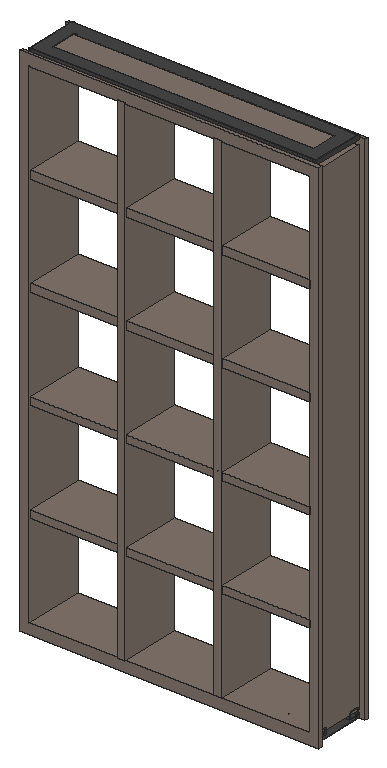
Revit family "Panel-Module-Teknion-LIGNA-Bookshelf_Module-R2023", category Doors, Revit 2023
Family settings
  OmniClass Number = 23.30.10.00
  OmniClass Title = Doors
  Always vertical = Yes
  Cut with Voids When Loaded = No
  Shared = No
  Room Calculation Point = No
Parameters (values of type "Bookshelf Module")
  Wood Frame Finish [instance] = Veneer - Teknion - ZP - Flintwood - Deep Walnut Flint
  Warranty = "http://www.teknion.com/legal/warranty.pdf"
  URL = "http://www.teknion.com/"
  Right Trim [instance] = no
  Right Metal Frame [instance] = no
  Product Line = "LIGNA - Bookshelf Module"  # constant formula
  Model = "LNHK + LNBK + LNET + LNDVP"  # constant formula
  Metal Frame Finish [instance] = Paint - Teknion - Matte - Black
  Manufacturer Phone = "416-661-3370"  # constant formula
  Manufacturer Fax = "416.661.4586"  # constant formula
  Manufacturer Address = "1150 Flint Road, Toronto, ON. M3J 2J5. Canada"  # constant formula
  Manufacturer = "Teknion"  # constant formula
  Left Wood Trim [instance] = no
  Left Metal Frame [instance] = no
  Function = Interior
  Description = "LIGNA - Bookshelf Module - Fixed"  # constant formula
  Available Width [instance] = "Available In 51\", 60\", 69\" "  # constant formula
  Available Height [instance] = "Available From 96\"-120\" In 1\" Increments"  # constant formula
Reference planes (in)
  plane 1 "Center (Front/Back)": y = 0
  plane 2: z = 0
  plane 3 "Center (Left/Right)": x = 0
  plane 4: x = -29.1338583
  plane 5: x = 29.1338583
  plane 6 "Top": z = 101
Text (in)
  text "Exterior" at (-55.3739985, 31.3874262, 0), in view "Ref. Level"
Dimensions and locks (in)
  equal spacing: plane 4, plane 3 "Center (Left/Right)", plane 5
  locked: nested 2 to plane 5 at 1.257
  locked: plane 4 to nested 2 at 1.257
  nested 1 to nested 1 = 1.81102"
  locked: plane 4 to nested 1 at 0.0995197
  locked: nested 1 to plane 5 at 0.0995197
  locked: plane 5 to nested 4 at 1.0472441
  locked: nested 5 to plane 4 at 1.0207795
  locked: nested 2 to plane 6 "Top" at 0.5
  locked: nested 6 to plane 6 "Top" at 0.5
  locked: nested 3 to plane 6 "Top" at 0.5
  aligned and locked: level to plane 2
  aligned and locked: plane 1 "Center (Front/Back)" to nested 1
  aligned and locked: plane 2 to nested 2
  aligned and locked: nested 1 to plane 6 "Top"  (x3)
  aligned and locked: plane 2 to nested 1
  aligned and locked: plane 1 "Center (Front/Back)" to nested 3
  aligned and locked: plane 2 to nested 3
  aligned and locked: plane 2 to nested 4  (x2)
  aligned and locked: nested 6 to plane 1 "Center (Front/Back)"
  aligned and locked: nested 5 to plane 1 "Center (Front/Back)"
  aligned and locked: plane 1 "Center (Front/Back)" to nested 4
  aligned and locked: plane 1 "Center (Front/Back)" to nested 2
  aligned and locked: nested 5 to plane 2
  aligned and locked: nested 6 to plane 2
  aligned and locked: nested 1 to plane 2  (x2)
  aligned and locked: nested 4 to plane 2
  aligned and locked: nested 6 to plane 4
  aligned and locked: nested 3 to plane 5
  aligned and locked: plane 6 "Top" to nested 5
  aligned and locked: nested 4 to plane 6 "Top"
Nested families (in)
  nested 1: "Solid-Fascia-Teknion-LNBK-Bookshelf-Kit-R2023" at (0.1008527, -4.8197016, 0), Finish <- "Wood Frame Finish", type "Bookshelf Kit"
    with Width 58.06868", Height 101.00", Finish Veneer - Teknion - ZP - Flintwood - Deep Walnut Flint, 5 Shelfs no, 4 Shelfs yes, 3 Dividers no, 2 Dividers yes
  nested 2: "Frame-Teknion-LNHK-Bookshelf-Horizontals-Kit-R2023" at (-43.3101167, -4.8212968, 0), Frame Finish <- "Metal Frame Finish", type "Bookshelf Horizontals Kit"
    with Width 55.75372", Height 101.50", Frame Finish Paint - Teknion - Matte - Black
  nested 3: "Frame-Teknion-LNDVP-Double-Vertical-Post-R2023" at (24.9612415, -4.8551865, 0), Frame Finish <- "Metal Frame Finish", visible <- "Right Metal Frame", type "Double Vertical Post"
    with Height 101.50", Frame Finish Paint - Teknion - Matte - Black
  nested 4: "Frame-Teknion-LNET-End-Trims-R2023" at (-22.2975633, -5.6018086, 0), Frame Finish <- "Wood Frame Finish", visible <- "Right Trim", type "End Trims"
    with Width 1.81102", Height 101.00", Frame Finish Veneer - Teknion - ZP - Flintwood - Deep Walnut Flint
  nested 5: "Frame-Teknion-LNET-End-Trims-R2023" at (22.3240279, -5.6018086, 0) x (-1, 0, 0) z (0, 0, 1), Frame Finish <- "Wood Frame Finish", visible <- "Left Wood Trim", type "End Trims"
    with Width 1.81102", Height 101.00", Frame Finish Veneer - Teknion - ZP - Flintwood - Deep Walnut Flint
  nested 6: "Frame-Teknion-LNDVP-Double-Vertical-Post-R2023" at (-24.9612415, -4.8551865, 0) x (-1, 0, 0) z (0, 0, 1), Frame Finish <- "Metal Frame Finish", visible <- "Left Metal Frame", type "Double Vertical Post"
    with Height 101.50", Frame Finish Paint - Teknion - Matte - Black
Definition of nested family "Solid-Fascia-Teknion-LNBK-Bookshelf-Kit-R2023"
  Parameters (values of type "Bookshelf Kit")
    Width [instance] = 60.00"
    URL = "http://www.teknion.com/"
    Type Comments = ""
    Thickness = 0.75"  # constant formula
    Nominal Gap = 0.125"
    Model = "LNBK"  # constant formula
    Manufacturer = "Teknion"
    Height [instance] = 102.00"
    Finish [instance] = none
    Description = "Bookshelf Kit"  # constant formula
    Default Elevation = 48.00"
    Assembly Code = ""
    5 Shelfs [instance] = Height > 102.00"  # no
    4 Shelfs [instance] = Height < 103.00"  # yes
    3 Dividers [instance] = Width > 60.00"  # no
    2 Dividers [instance] = Width < 61.00"  # yes
  Reference planes (in)
    plane 1 "Center (Front/Back)": y = 4.8197016
    plane 2: z = 0
    plane 3 "Center (Left/Right)": x = -0.1008527
    plane 4: x = 29.8991473
    plane 5: x = -30.1008527
    plane 6: z = 102
    plane 7: y = 10.7252134
    plane 8: y = -1.0858102
    plane 9: z = 51
    plane 10: z = 99.9527559
    plane 11: z = 2.0472441
    plane 12: z = 84.1351706
    plane 13: z = 67.5675853
    plane 14: z = 51
    plane 15: z = 34.4324147
    plane 16: z = 17.8648294
    plane 17: x = -28.2898291
    plane 18: x = 28.0881237
    plane 19: x = -14.5705909
    plane 20: x = 14.3688855
    plane 21: z = 1.2972441
    plane 22: z = 100.7027559
    plane 23: x = -29.0403291
    plane 24: x = 28.8386237
    plane 25: x = -9.7473448
    plane 26: x = 9.5456394
    plane 27: z = 21.1783465
    plane 28: z = 41.0594488
    plane 29: z = 60.9405512
    plane 30: z = 80.8216535
  Forms (in)
    Sweep 1, solid, material <- "Finish"
      path origin (0, 4.8197016, 0) x (1, 0, 0) y (0, 0, 1)
        loop
          line (28.0881237, 99.9527559) -> (-28.2898291, 99.9527559) -> (-28.2898291, 2.0472441) -> (28.0881237, 2.0472441) -> (28.0881237, 99.9527559)
      profile origin (-0.1008527, 4.8197016, 99.9527559) x (0, 0, -1) y (0, -1, 0)
        loop
          line (0, 5.9055118) -> (-2.0472441, 5.9055118) -> (-2.0472441, 5.2519685) -> (-0.6535433, 5.2519685) -> (-0.6535433, -5.2519685) -> (-2.0472441, -5.2519685) -> (-2.0472441, -5.9055118) -> (0, -5.9055118) -> (0, 5.9055118)
    Sweep 2, solid, material <- "Finish", visible <- "3 Dividers"
      path origin (0, 4.8197016, 0) x (1, 0, 0) y (0, 0, 1)
        loop
          line (-0.1008527, 99.9527559) -> (-0.1008527, 2.0472441)
      profile origin (-0.1008527, 4.8197016, 51) x (0, -1, 0) y (1, 0, 0)
        loop
          line (5.8858268, -15.2197382) -> (5.8858268, -13.7197382) -> (-5.8858268, -13.7197382) -> (-5.8858268, -15.2197382) -> (5.8858268, -15.2197382)
        loop
          line (-5.8858268, -0.75) -> (5.8858268, -0.75) -> (5.8858268, 0.75) -> (-5.8858268, 0.75) -> (-5.8858268, -0.75)
        loop
          line (-5.8858268, 15.2197382) -> (-5.8858268, 13.7197382) -> (5.8858268, 13.7197382) -> (5.8858268, 15.2197382) -> (-5.8858268, 15.2197382)
    Sweep 3, solid, material <- "Finish", visible <- "5 Shelfs"
      path origin (0, 0, 0) x (1, 0, 0) y (0, 1, 0)
        loop
          line (-0.1008527, 10.6858433) -> (-0.1008527, -1.0464402)
      profile origin (-0.1008527, 4.8197016, 0) x (1, 0, 0) y (0, 0, 1)
        loop
          line (28.1889764, 84.8851706) -> (-28.1889764, 84.8851706) -> (-28.1889764, 83.3851706) -> (28.1889764, 83.3851706) -> (28.1889764, 84.8851706)
        loop
          line (28.1889764, 68.3175853) -> (-28.1889764, 68.3175853) -> (-28.1889764, 66.8175853) -> (28.1889764, 66.8175853) -> (28.1889764, 68.3175853)
        loop
          line (28.1889764, 51.75) -> (-28.1889764, 51.75) -> (-28.1889764, 50.25) -> (28.1889764, 50.25) -> (28.1889764, 51.75)
        loop
          line (28.1889764, 35.1824147) -> (-28.1889764, 35.1824147) -> (-28.1889764, 33.6824147) -> (28.1889764, 33.6824147) -> (28.1889764, 35.1824147)
        loop
          line (28.1889764, 18.6148294) -> (-28.1889764, 18.6148294) -> (-28.1889764, 17.1148294) -> (28.1889764, 17.1148294) -> (28.1889764, 18.6148294)
    Sweep 4, solid, material <- "Finish", visible <- "2 Dividers"
      path origin (0, 4.8197016, 0) x (1, 0, 0) y (0, 0, 1)
        loop
          line (-0.1008527, 99.9527559) -> (-0.1008527, 2.0472441)
      profile origin (-0.1008527, 4.8197016, 51) x (0, -1, 0) y (1, 0, 0)
        loop
          line (5.9055118, -8.8964921) -> (-5.9055118, -8.8964921) -> (-5.9055118, -10.3964921) -> (5.9055118, -10.3964921) -> (5.9055118, -8.8964921)
        loop
          line (5.9055118, 10.3964921) -> (-5.9055118, 10.3964921) -> (-5.9055118, 8.8964921) -> (5.9055118, 8.8964921) -> (5.9055118, 10.3964921)
    Sweep 5, solid, material <- "Finish", visible <- "4 Shelfs"
      path origin (0, 0, 0) x (1, 0, 0) y (0, 1, 0)
        loop
          line (-0.1008527, 10.6858433) -> (-0.1008527, -1.0464402)
      profile origin (-0.1008527, 4.8197016, 0) x (1, 0, 0) y (0, 0, 1)
        loop
          line (28.1889764, 81.5716535) -> (-28.1889764, 81.5716535) -> (-28.1889764, 80.0716535) -> (28.1889764, 80.0716535) -> (28.1889764, 81.5716535)
        loop
          line (28.1889764, 61.6905512) -> (-28.1889764, 61.6905512) -> (-28.1889764, 60.1905512) -> (28.1889764, 60.1905512) -> (28.1889764, 61.6905512)
        loop
          line (28.1889764, 41.8094488) -> (-28.1889764, 41.8094488) -> (-28.1889764, 40.3094488) -> (28.1889764, 40.3094488) -> (28.1889764, 41.8094488)
        loop
          line (28.1889764, 21.9283465) -> (-28.1889764, 21.9283465) -> (-28.1889764, 20.4283465) -> (28.1889764, 20.4283465) -> (28.1889764, 21.9283465)
    Sweep 6, void
      path origin (0, 4.8197016, 0) x (1, 0, 0) y (0, 0, 1)
        loop
          line (-0.1008527, 102) -> (-0.1008527, 0)
      profile origin (-0.1008527, 4.8197016, 51) x (0, -1, 0) y (1, 0, 0)
        loop
          line (6.3353439, -30) -> (-6.9146561, -30) -> (-6.9146561, -31.75) -> (6.3353439, -31.75) -> (6.3353439, -30)
        loop
          line (6.3353439, 30) -> (6.3353439, 31.75) -> (-6.9146561, 31.75) -> (-6.9146561, 30) -> (6.3353439, 30)
  Cuts and joins
    Sweep 6 cuts Sweep 1
  Dimensions and locks (in)
    equal spacing: plane 5, plane 3 "Center (Left/Right)", plane 4
    "Width": plane 5 to plane 4
    "Height": plane 6 to plane 2
    equal spacing: plane 6, plane 9, plane 2
    equal spacing: plane 8, plane 1 "Center (Front/Back)", plane 7
    locked: plane 11 to plane 2 at 2.0472441
    locked: plane 6 to plane 10 at 2.0472441
    locked: plane 17 to plane 5 at 1.8110236
    locked: plane 4 to plane 18 at 1.8110236
    locked: plane 7 to Sweep 1 sketch curve at 0.6535433
    locked: Sweep 1 sketch curve to plane 8 at 0.6535433
    locked: plane 10 to Sweep 1 sketch curve at 0.6535433
    locked: Sweep 2 sketch curve to plane 7 at 0.019685  (x3)
    locked: plane 8 to Sweep 2 sketch curve at 0.019685  (x3)
    Sweep 2 sketch curve to plane 19 to Sweep 2 sketch curve = 0.75" locked, 0.75" locked
    Sweep 2 sketch curve to plane 3 "Center (Left/Right)" to Sweep 2 sketch curve = 0.75" locked, 0.75" locked
    Sweep 2 sketch curve to plane 20 to Sweep 2 sketch curve = 0.75" locked, 0.75" locked
    locked: plane 8 to Sweep 3 sketch curve at 0.0393701
    locked: Sweep 3 sketch curve to plane 7 at 0.0393701
    equal spacing: plane 22, plane 12, plane 13, plane 14, plane 15, plane 16, plane 21
    Sweep 3 sketch curve to plane 12 to Sweep 3 sketch curve = 0.75" locked, 0.75" locked
    Sweep 3 sketch curve to plane 13 to Sweep 3 sketch curve = 0.75" locked, 0.75" locked
    Sweep 3 sketch curve to plane 14 to Sweep 3 sketch curve = 0.75" locked, 0.75" locked
    Sweep 3 sketch curve to plane 15 to Sweep 3 sketch curve = 0.75" locked, 0.75" locked
    Sweep 3 sketch curve to plane 16 to Sweep 3 sketch curve = 0.75" locked, 0.75" locked
    locked: plane 22 to plane 10 at 0.75
    locked: plane 11 to plane 21 at 0.75
    locked: plane 23 to plane 5 at 1.0605236
    locked: plane 4 to plane 24 at 1.0605236
    equal spacing: plane 24, plane 20, plane 3 "Center (Left/Right)"
    equal spacing: plane 3 "Center (Left/Right)", plane 19, plane 23
    equal spacing: plane 23, plane 25, plane 26, plane 24
    Sweep 4 sketch curve to plane 25 to Sweep 4 sketch curve = 0.75" locked, 0.75" locked
    Sweep 4 sketch curve to plane 26 to Sweep 4 sketch curve = 0.75" locked, 0.75" locked
    equal spacing: plane 22, plane 30, plane 29, plane 28, plane 27, plane 21
    locked: Sweep 5 sketch curve to plane 7 at 0.0393701
    locked: plane 8 to Sweep 5 sketch curve at 0.0393701
    Sweep 5 sketch curve to plane 30 to Sweep 5 sketch curve = 0.75" locked, 0.75" locked
    Sweep 5 sketch curve to plane 29 to Sweep 5 sketch curve = 0.75" locked, 0.75" locked
    Sweep 5 sketch curve to plane 28 to Sweep 5 sketch curve = 0.75" locked, 0.75" locked
    Sweep 5 sketch curve to plane 27 to Sweep 5 sketch curve = 0.75" locked, 0.75" locked
    Sweep 6 sketch curve to plane 1 "Center (Front/Back)" to Sweep 6 sketch curve = 6.33534" locked, 6.91466" locked  (x2)
    Sweep 6 sketch curve to Sweep 6 sketch curve to plane 23 = 1.75" locked, 1.06052" locked
    plane 24 to Sweep 6 sketch curve to Sweep 6 sketch curve = 1.06052" locked, 1.75" locked
    aligned and locked: level to plane 2
    aligned and locked: Sweep 1 sketch curve to plane 10  (x2)
    aligned and locked: Sweep 1 sketch curve to plane 18
    aligned and locked: Sweep 1 sketch curve to plane 11
    aligned and locked: Sweep 1 sketch curve to plane 17
    aligned and locked: Sweep 1 sketch curve to plane 6  (x2)
    aligned and locked: Sweep 1 sketch curve to plane 8
    aligned and locked: plane 7 to Sweep 1 sketch curve
    aligned and locked: plane 11 to Sweep 2 sketch curve
    aligned and locked: plane 10 to Sweep 2 sketch curve
    aligned and locked: Sweep 2 sketch curve to plane 3 "Center (Left/Right)"
    aligned and locked: Sweep 3 sketch curve to plane 3 "Center (Left/Right)"
    aligned and locked: Sweep 3 sketch curve to plane 17
    aligned and locked: Sweep 3 sketch curve to plane 18
    aligned and locked: Sweep 4 sketch curve to plane 3 "Center (Left/Right)"
    aligned and locked: plane 11 to Sweep 4 sketch curve
    aligned and locked: plane 10 to Sweep 4 sketch curve
    aligned and locked: Sweep 4 sketch curve to plane 7  (x2)
    aligned and locked: plane 8 to Sweep 4 sketch curve  (x2)
    aligned and locked: Sweep 5 sketch curve to plane 3 "Center (Left/Right)"
    aligned and locked: Sweep 5 sketch curve to plane 17  (x4)
    aligned and locked: Sweep 5 sketch curve to plane 18  (x4)
    aligned and locked: Sweep 6 sketch curve to plane 3 "Center (Left/Right)"
    aligned and locked: plane 2 to Sweep 6 sketch curve
    aligned and locked: plane 6 to Sweep 6 sketch curve
  Automatic sketch dimensions
    Sweep 3 sketch curve to Sweep 3 sketch curve = 0.00"  (x8)
Definition of nested family "Frame-Teknion-LNHK-Bookshelf-Horizontals-Kit-R2023"
  Parameters (values of type "Bookshelf Horizontals Kit")
    Width [instance] = 66.747"
    URL = "http://www.teknion.com/"
    Type Comments = ""
    Thickness = 0.75"  # constant formula
    Nominal Gap = 0.125"
    Model = "LNHK"  # constant formula
    Manufacturer = "Teknion"
    Height [instance] = 120.00"
    Frame Finish [instance] = none
    Description = "Bookshelf Horizontals Kit"  # constant formula
    Default Elevation = 48.00"
    Assembly Code = ""
  Reference planes (in)
    plane 1 "Center (Front/Back)": y = 4.8212968
    plane 2: z = 0
    plane 3 "Center (Left/Right)": x = 43.3101167
    plane 4: x = 76.6836167
    plane 5: x = 9.9366167
    plane 6: z = 120
    plane 7: y = 9.9462968
    plane 8: y = -0.3037032
    plane 9: z = 60
  Forms (in)
    Sweep 1, solid, material <- "Frame Finish"
      path origin (0, 0, 0) x (1, 0, 0) y (0, 1, 0)
        loop
          line (9.9366167, 4.8212968) -> (76.6836167, 4.8212968)
      profile origin (43.3101167, 4.8212968, 0) x (0, 1, 0) y (0, 0, 1)
        loop
          line (2.9675, 1.88) -> (2.9675, 0.76) -> (4.8375, 0.76) -> (4.8375, 1.88) -> (2.9675, 1.88)
        loop
          arc (3.0355853, 1.945) -> (2.9414798, 1.9060202) -> (2.9025, 1.8119147) r 0.1330853
          line (2.9025, 1.8119147) -> (2.9025, 0.695) -> (4.9025, 0.695) -> (4.9025, 1.795961)
          arc (4.9025, 1.795961) -> (4.8588475, 1.9013475) -> (4.753461, 1.945) r 0.149039
          line (4.753461, 1.945) -> (3.0355853, 1.945)
        loop
          arc (-2.9015, 1.8031454) -> (-2.9430483, 1.9034517) -> (-3.0433546, 1.945) r 0.1418546
          line (-3.0433546, 1.945) -> (-4.7604174, 1.945)
          arc (-4.7604174, 1.945) -> (-4.8601779, 1.9036779) -> (-4.9015, 1.8039174) r 0.1410826
          line (-4.9015, 1.8039174) -> (-4.9015, 0.695) -> (-2.9015, 0.695) -> (-2.9015, 1.8031454)
        loop
          line (-2.9665, 1.88) -> (-4.8365, 1.88) -> (-4.8365, 0.76) -> (-2.9665, 0.76) -> (-2.9665, 1.88)
        loop
          line (5.0625, 0.0625) -> (-5.0615, 0.0625) -> (-5.0615, 0.8705315) -> (-5.125, 0.8705315) -> (-5.125, 0) -> (5.125, 0) -> (5.125, 0.8705315) -> (5.0625, 0.8705315) -> (5.0625, 0.0625)
    Sweep 2, solid, material <- "Frame Finish"
      path origin (0, 0, 0) x (1, 0, 0) y (0, 1, 0)
        loop
          line (9.9366167, 9.9462968) -> (9.9366167, -0.3037032) -> (76.6836167, -0.3037032) -> (76.6836167, 9.9462968) -> (9.9366167, 9.9462968)
      profile origin (9.9366167, 4.8212968, 0) x (1, 0, 0) y (0, 0, 1)
        loop
          line (0.0625, 119.125) -> (0.0625, 119.9375) -> (2.5625, 119.9375) -> (2.5625, 120) -> (0.1024684, 120)
          arc (0.1024684, 120) -> (0.0300123, 119.9699877) -> (0, 119.8975316) r 0.1024684
          line (0, 119.8975316) -> (0, 119.125) -> (0.0625, 119.125)
  Dimensions and locks (in)
    equal spacing: plane 5, plane 3 "Center (Left/Right)", plane 4
    "Width": plane 5 to plane 4
    "Height": plane 6 to plane 2
    equal spacing: plane 6, plane 9, plane 2
    equal spacing: plane 8, plane 1 "Center (Front/Back)", plane 7
    locked: plane 8 to plane 7 at 10.25
    Sweep 1 sketch curve to Sweep 1 sketch curve to Sweep 1 sketch curve to Sweep 1 sketch curve to Sweep 1 sketch curve to Sweep 1 sketch curve to Sweep 1 sketch curve to Sweep 1 sketch curve to Sweep 1 sketch curve to Sweep 1 sketch curve to Sweep 1 sketch curve to Sweep 1 sketch curve to Sweep 1 sketch curve to plane 2 to Sweep 1 sketch curve = 0.00" locked, 0.06809" locked, 0.008" locked, 0.00077" locked, 0.00718" locked, 0.92543" locked, 0.00" locked, 0.11053" locked, 0.00" locked, 0.065" locked, 0.00" locked, 0.6325" locked, 0.0625" locked, 0.00" locked
    Sweep 1 sketch curve to Sweep 1 sketch curve to Sweep 1 sketch curve to Sweep 1 sketch curve to Sweep 1 sketch curve to Sweep 1 sketch curve to plane 1 "Center (Front/Back)" to Sweep 1 sketch curve to Sweep 1 sketch curve to Sweep 1 sketch curve to Sweep 1 sketch curve to Sweep 1 sketch curve to Sweep 1 sketch curve = 0.0625" locked, 0.16" locked, 0.065" locked, 1.87" locked, 0.065" locked, 2.9025" locked, 2.9015" locked, 0.065" locked, 1.87" locked, 0.065" locked, 0.16" locked, 0.0635" locked
    Sweep 1 sketch curve to Sweep 1 sketch curve to plane 1 "Center (Front/Back)" to Sweep 1 sketch curve to Sweep 1 sketch curve = 1.71788" locked, 3.03559" locked, 3.04335" locked, 1.71706" locked
    Sweep 2 sketch curve to Sweep 2 sketch curve to Sweep 2 sketch curve to plane 5 to Sweep 2 sketch curve = 2.46003" locked, 0.03997" locked, 0.0625" locked, 0.00" locked
    plane 6 to Sweep 2 sketch curve to Sweep 2 sketch curve to Sweep 2 sketch curve to Sweep 2 sketch curve = 0.00" locked, 0.0625" locked, 0.03997" locked, 0.77253" locked
    aligned and locked: level to plane 2
    aligned and locked: plane 1 "Center (Front/Back)" to Sweep 1 sketch curve
    aligned and locked: plane 4 to Sweep 1 sketch curve
    aligned and locked: plane 5 to Sweep 1 sketch curve
    aligned and locked: Sweep 2 sketch curve to plane 5
    aligned and locked: Sweep 2 sketch curve to plane 7
    aligned and locked: Sweep 2 sketch curve to plane 8
    aligned and locked: Sweep 2 sketch curve to plane 4
Definition of nested family "Frame-Teknion-LNDVP-Double-Vertical-Post-R2023"
  Parameters (values of type "Double Vertical Post")
    Width = 39.7461"
    URL = "http://www.teknion.com/"
    Type Comments = ""
    Thickness = 0.75"  # constant formula
    Nominal Gap = 0.125"
    Model = "LNDVP"  # constant formula
    Manufacturer = "Teknion"
    Height [instance] = 120.00"
    Frame Finish [instance] = none
    Description = "Double Vertical Post"  # constant formula
    Default Elevation = 48.00"
    Assembly Code = ""
  Reference planes (in)
    plane 1 "Center (Front/Back)": y = 4.8551865
    plane 2: z = 0
    plane 3 "Center (Left/Right)": x = 4.1726168
    plane 4: x = 5.4296168
    plane 5: x = 2.9156168
    plane 6: z = 120
    plane 7: y = 9.9801865
    plane 8: y = -0.2698135
    plane 9: z = 60
  Forms (in)
    Sweep 1, solid, material <- "Frame Finish"
      path origin (0, 4.8551865, 0) x (1, 0, 0) y (0, 0, 1)
        loop
          line (4.1726168, 117.7537682) -> (4.1726168, 2.25)
      profile origin (4.1726168, 4.8551865, 60.0018841) x (0, -1, 0) y (1, 0, 0)
        loop
          line (-5, 0.5) -> (-5.125, 0.5) -> (-5.125, -0.5) -> (-5, -0.5) -> (-5, -1.032)
          arc (-5, -1.032) -> (-4.9677817, -1.1097817) -> (-4.89, -1.142) r 0.11
          line (-4.89, -1.142) -> (-4.0076378, -1.142)
          arc (-4.0076378, -1.142) -> (-3.929856, -1.1097817) -> (-3.8976378, -1.032) r 0.11
          line (-3.8976378, -1.032) -> (-3.8976378, 1.032)
          arc (-3.8976378, 1.032) -> (-3.929856, 1.1097817) -> (-4.0076378, 1.142) r 0.11
          line (-4.0076378, 1.142) -> (-4.89, 1.142)
          arc (-4.89, 1.142) -> (-4.9677817, 1.1097817) -> (-5, 1.032) r 0.11
          line (-5, 1.032) -> (-5, 0.5)
        loop
          line (5, 0.5) -> (5, 1.032)
          arc (5, 1.032) -> (4.9677817, 1.1097817) -> (4.89, 1.142) r 0.11
          line (4.89, 1.142) -> (4.0076378, 1.142)
          arc (4.0076378, 1.142) -> (3.929856, 1.1097817) -> (3.8976378, 1.032) r 0.11
          line (3.8976378, 1.032) -> (3.8976378, -1.032)
          arc (3.8976378, -1.032) -> (3.929856, -1.1097817) -> (4.0076378, -1.142) r 0.11
          line (4.0076378, -1.142) -> (4.89, -1.142)
          arc (4.89, -1.142) -> (4.9677817, -1.1097817) -> (5, -1.032) r 0.11
          line (5, -1.032) -> (5, -0.5) -> (5.125, -0.5) -> (5.125, 0.5) -> (5, 0.5)
    Sweep 2, solid, material <- "Frame Finish"
      path origin (0, 0, 0) x (1, 0, 0) y (0, 1, 0)
        loop
          line (4.1726168, 8.7528243) -> (4.1726168, 0.9575487)
      profile origin (4.1726168, 4.8551865, 0) x (1, 0, 0) y (0, 0, 1)
        loop
          arc (1.257, 117.6954655) -> (1.2302138, 117.7601331) -> (1.1655462, 117.7869193) r 0.0914538
          line (1.1655462, 117.7869193) -> (-1.1601901, 117.7869193)
          arc (-1.1601901, 117.7869193) -> (-1.2286451, 117.7585643) -> (-1.257, 117.6901094) r 0.0968099
          line (-1.257, 117.6901094) -> (-1.257, 117.2869193) -> (-1.1945, 117.2869193) -> (-1.1945, 117.6914332)
          arc (-1.1945, 117.6914332) -> (-1.1848386, 117.7147579) -> (-1.1615139, 117.7244193) r 0.0329861
          line (-1.1615139, 117.7244193) -> (1.1541923, 117.7244193)
          arc (1.1541923, 117.7244193) -> (1.1826941, 117.7126134) -> (1.1945, 117.6841115) r 0.0403077
          line (1.1945, 117.6841115) -> (1.1945, 117.2869193) -> (1.257, 117.2869193) -> (1.257, 117.6954655)
        loop
          arc (1.257, 75.6896902) -> (1.2285223, 75.7584415) -> (1.1597709, 75.7869193) r 0.0972291
          line (1.1597709, 75.7869193) -> (-1.1489486, 75.7869193)
          arc (-1.1489486, 75.7869193) -> (-1.2253525, 75.7552717) -> (-1.257, 75.6788678) r 0.1080514
          line (-1.257, 75.6788678) -> (-1.257, 75.2869193) -> (-1.1945, 75.2869193) -> (-1.1945, 75.6925042)
          arc (-1.1945, 75.6925042) -> (-1.1851523, 75.7150716) -> (-1.1625849, 75.7244193) r 0.0319151
          line (-1.1625849, 75.7244193) -> (1.1574754, 75.7244193)
          arc (1.1574754, 75.7244193) -> (1.1836557, 75.713575) -> (1.1945, 75.6873946) r 0.0370246
          line (1.1945, 75.6873946) -> (1.1945, 75.2869193) -> (1.257, 75.2869193) -> (1.257, 75.6896902)
        loop
          arc (-1.257, 32.317511) -> (-1.2260965, 32.2429035) -> (-1.151489, 32.212) r 0.105511
          line (-1.151489, 32.212) -> (1.1535472, 32.212)
          arc (1.1535472, 32.212) -> (1.2266994, 32.2423006) -> (1.257, 32.3154528) r 0.1034528
          line (1.257, 32.3154528) -> (1.257, 32.712) -> (1.1945, 32.712) -> (1.1945, 32.3122503)
          arc (1.1945, 32.3122503) -> (1.1834432, 32.2855568) -> (1.1567497, 32.2745) r 0.0377503
          line (1.1567497, 32.2745) -> (-1.152745, 32.2745)
          arc (-1.152745, 32.2745) -> (-1.1822702, 32.2867298) -> (-1.1945, 32.316255) r 0.041755
          line (-1.1945, 32.316255) -> (-1.1945, 32.712) -> (-1.257, 32.712) -> (-1.257, 32.317511)
        loop
          line (1.257, 2.712) -> (1.1945, 2.712) -> (1.1945, 2.310733)
          arc (1.1945, 2.310733) -> (1.1838876, 2.2851124) -> (1.158267, 2.2745) r 0.036233
          line (1.158267, 2.2745) -> (-1.1628642, 2.2745)
          arc (-1.1628642, 2.2745) -> (-1.1852341, 2.2837659) -> (-1.1945, 2.3061358) r 0.0316358
          line (-1.1945, 2.3061358) -> (-1.1945, 2.712) -> (-1.257, 2.712) -> (-1.257, 2.3176956)
          arc (-1.257, 2.3176956) -> (-1.2260425, 2.2429575) -> (-1.1513044, 2.212) r 0.1056956
          line (-1.1513044, 2.212) -> (1.1526304, 2.212)
          arc (1.1526304, 2.212) -> (1.2264309, 2.2425691) -> (1.257, 2.3163696) r 0.1043696
          line (1.257, 2.3163696) -> (1.257, 2.712)
    Sweep 3, solid, material <- "Frame Finish"
      path origin (0, 0, 0) x (1, 0, 0) y (0, 1, 0)
        loop
          line (4.1726168, 9.9801865) -> (4.1726168, -0.2698135)
      profile origin (4.1726168, 4.8551865, 0) x (1, 0, 0) y (0, 0, 1)
        loop
          line (1.0785, 0.048) -> (-1.0785, 0.048) -> (-1.0785, 0.873) -> (-1.1265, 0.873) -> (-1.1265, 0.0889527)
          arc (-1.1265, 0.0889527) -> (-1.1004464, 0.0260536) -> (-1.0375473, 0) r 0.0889527
          line (-1.0375473, 0) -> (1.0405892, 0)
          arc (1.0405892, 0) -> (1.1013373, 0.0251627) -> (1.1265, 0.0859108) r 0.0859108
          line (1.1265, 0.0859108) -> (1.1265, 0.873) -> (1.0785, 0.873) -> (1.0785, 0.048)
        loop
          line (-0.499775, 0.2446) -> (-0.935575, 0.2446) -> (-0.935575, 0.625) -> (-1.055175, 0.625) -> (-1.055175, 0.125) -> (-0.380175, 0.125) -> (-0.380175, 0.77) -> (0.379825, 0.77) -> (0.379825, 0.125) -> (1.054825, 0.125) -> (1.054825, 0.625) -> (0.935225, 0.625) -> (0.935225, 0.2446) -> (0.499425, 0.2446) -> (0.499425, 0.7193663)
          arc (0.499425, 0.7193663) -> (0.4495647, 0.8397397) -> (0.3291913, 0.8896) r 0.1702337
          line (0.3291913, 0.8896) -> (-0.3322924, 0.8896)
          arc (-0.3322924, 0.8896) -> (-0.4507205, 0.8405455) -> (-0.499775, 0.7221174) r 0.1674826
          line (-0.499775, 0.7221174) -> (-0.499775, 0.2446)
        loop
          line (-0.935575, 119.375) -> (-0.935575, 119.7554) -> (-0.499775, 119.7554) -> (-0.499775, 119.2979828)
          arc (-0.499775, 119.2979828) -> (-0.4448333, 119.1653417) -> (-0.3121922, 119.1104) r 0.1875828
          line (-0.3121922, 119.1104) -> (0.317346, 119.1104)
          arc (0.317346, 119.1104) -> (0.4460953, 119.1637297) -> (0.499425, 119.292479) r 0.182079
          line (0.499425, 119.292479) -> (0.499425, 119.7554) -> (0.935225, 119.7554) -> (0.935225, 119.375) -> (1.054825, 119.375) -> (1.054825, 119.875) -> (0.379825, 119.875) -> (0.379825, 119.23) -> (-0.380175, 119.23) -> (-0.380175, 119.875) -> (-1.055175, 119.875) -> (-1.055175, 119.375) -> (-0.935575, 119.375)
        loop
          line (1.0785, 119.952) -> (1.0785, 119.127) -> (1.1265, 119.127) -> (1.1265, 119.9129131)
          arc (1.1265, 119.9129131) -> (1.1009928, 119.9744928) -> (1.0394131, 120) r 0.0870869
          line (1.0394131, 120) -> (-1.0452016, 120)
          arc (-1.0452016, 120) -> (-1.1026883, 119.9761883) -> (-1.1265, 119.9187016) r 0.0812984
          line (-1.1265, 119.9187016) -> (-1.1265, 119.127) -> (-1.0785, 119.127) -> (-1.0785, 119.952) -> (1.0785, 119.952)
    Sweep 4, solid, material <- "Frame Finish"
      path origin (0, 4.8551865, 0) x (1, 0, 0) y (0, 0, 1)
        loop
          line (4.1726168, 119.1104) -> (4.1726168, 0.8896)
      profile origin (4.1726168, 4.8551865, 60) x (0, -1, 0) y (1, 0, 0)
        loop
          circle (4.4845943, 0) r 0.379825
        loop
          circle (-4.4845943, 0) r 0.379825
  Dimensions and locks (in)
    equal spacing: plane 5, plane 3 "Center (Left/Right)", plane 4
    locked: plane 5 to plane 4 at 2.514
    "Height": plane 6 to plane 2
    equal spacing: plane 6, plane 9, plane 2
    equal spacing: plane 8, plane 1 "Center (Front/Back)", plane 7
    locked: plane 8 to plane 7 at 10.25
    locked: Sweep 1 sketch curve to plane 2 at 2.25
    locked: plane 6 to Sweep 1 sketch curve at 2.2462318
    Sweep 1 sketch curve to Sweep 1 sketch curve to Sweep 1 sketch curve to Sweep 1 sketch curve to Sweep 1 sketch curve to Sweep 1 sketch curve to Sweep 1 sketch curve to Sweep 1 sketch curve to plane 1 "Center (Front/Back)" = 0.125" locked, 0.00" locked, 0.11" locked, 0.00" locked, 0.88236" locked, 0.00" locked, 0.11" locked, 3.89764" locked
    plane 1 "Center (Front/Back)" to Sweep 1 sketch curve to Sweep 1 sketch curve to Sweep 1 sketch curve to Sweep 1 sketch curve to Sweep 1 sketch curve to Sweep 1 sketch curve to Sweep 1 sketch curve to Sweep 1 sketch curve = 3.89764" locked, 0.11" locked, 0.00" locked, 0.88236" locked, 0.00" locked, 0.11" locked, 0.00" locked, 0.125" locked
    Sweep 1 sketch curve to Sweep 1 sketch curve to Sweep 1 sketch curve to Sweep 1 sketch curve to plane 3 "Center (Left/Right)" to Sweep 1 sketch curve to Sweep 1 sketch curve to Sweep 1 sketch curve to Sweep 1 sketch curve = 0.11" locked, 0.00" locked, 0.532" locked, 0.50" locked, 0.50" locked, 0.532" locked, 0.00" locked, 0.11" locked  (x2)
    Sweep 2 sketch curve to plane 1 "Center (Front/Back)" to Sweep 2 sketch curve = 3.89764" locked, 3.89764" locked
    Sweep 2 sketch curve to Sweep 2 sketch curve to Sweep 2 sketch curve to Sweep 2 sketch curve to plane 3 "Center (Left/Right)" to Sweep 2 sketch curve to Sweep 2 sketch curve to Sweep 2 sketch curve to Sweep 2 sketch curve = 0.0625" locked, 0.02895" locked, 0.01135" locked, 1.15419" locked, 1.16019" locked, 0.00132" locked, 0.03299" locked, 0.0625" locked
    plane 6 to Sweep 2 sketch curve to Sweep 2 sketch curve to Sweep 2 sketch curve to Sweep 2 sketch curve = 2.21308" locked, 0.0625" locked, 0.4375" locked, 0.00" locked
    plane 6 to Sweep 2 sketch curve to Sweep 2 sketch curve = 2.30857" locked, 0.00132" locked
    Sweep 2 sketch curve to Sweep 2 sketch curve to Sweep 2 sketch curve to Sweep 2 sketch curve to plane 3 "Center (Left/Right)" to Sweep 2 sketch curve to Sweep 2 sketch curve to Sweep 2 sketch curve to Sweep 2 sketch curve = 0.0625" locked, 0.03473" locked, 0.0023" locked, 1.15748" locked, 1.14895" locked, 0.01364" locked, 0.03192" locked, 0.0625" locked
    Sweep 2 sketch curve to Sweep 2 sketch curve to Sweep 2 sketch curve to Sweep 2 sketch curve to plane 3 "Center (Left/Right)" to Sweep 2 sketch curve to Sweep 2 sketch curve to Sweep 2 sketch curve to Sweep 2 sketch curve = 0.0625" locked, 0.03775" locked, 0.0032" locked, 1.15355" locked, 1.15149" locked, 0.00126" locked, 0.04175" locked, 0.0625" locked
    Sweep 2 sketch curve to Sweep 2 sketch curve to Sweep 2 sketch curve to Sweep 2 sketch curve to plane 3 "Center (Left/Right)" to Sweep 2 sketch curve to Sweep 2 sketch curve to Sweep 2 sketch curve to Sweep 2 sketch curve = 0.0625" locked, 0.03623" locked, 0.00564" locked, 1.15263" locked, 1.1513" locked, 0.01156" locked, 0.03164" locked, 0.0625" locked
    Sweep 2 sketch curve to Sweep 2 sketch curve to Sweep 2 sketch curve to Sweep 2 sketch curve to Sweep 2 sketch curve to Sweep 2 sketch curve to Sweep 2 sketch curve to Sweep 2 sketch curve to Sweep 2 sketch curve to Sweep 2 sketch curve to Sweep 2 sketch curve to Sweep 2 sketch curve to plane 2 = 0.0625" locked, 0.4375" locked, 0.00" locked, 42.57492" locked, 0.00" locked, 0.4375" locked, 0.0625" locked, 29.50" locked, 0.00" locked, 0.4375" locked, 0.0625" locked, 2.212" locked
    Sweep 3 sketch curve to Sweep 3 sketch curve = 0.873"
    plane 6 to Sweep 3 sketch curve to Sweep 3 sketch curve to Sweep 3 sketch curve to Sweep 3 sketch curve to Sweep 3 sketch curve to Sweep 3 sketch curve to Sweep 3 sketch curve to Sweep 3 sketch curve to Sweep 3 sketch curve to Sweep 3 sketch curve to Sweep 3 sketch curve to Sweep 3 sketch curve to Sweep 3 sketch curve to Sweep 3 sketch curve to Sweep 3 sketch curve to Sweep 3 sketch curve = 0.00" locked, 0.048" locked, 0.0333" locked, 0.00579" locked, 0.03791" locked, 0.00" locked, 0.1196" locked, 0.00" locked, 0.3804" locked, 0.00" locked, 0.07702" locked, 0.0055" locked, 0.06248" locked, 0.103" locked, 0.00" locked, 0.0166" locked
    Sweep 3 sketch curve to Sweep 3 sketch curve to Sweep 3 sketch curve to Sweep 3 sketch curve to Sweep 3 sketch curve to Sweep 3 sketch curve to plane 3 "Center (Left/Right)" to Sweep 3 sketch curve to Sweep 3 sketch curve to Sweep 3 sketch curve to Sweep 3 sketch curve to Sweep 3 sketch curve to Sweep 3 sketch curve = 0.048" locked, 0.02368" locked, 0.1196" locked, 0.4358" locked, 0.1196" locked, 0.37982" locked, 0.38018" locked, 0.1196" locked, 0.4358" locked, 0.1196" locked, 0.02332" locked, 0.048" locked  (x2)
    Sweep 3 sketch curve to Sweep 3 sketch curve to Sweep 3 sketch curve to Sweep 3 sketch curve to Sweep 3 sketch curve to Sweep 3 sketch curve to Sweep 3 sketch curve to Sweep 3 sketch curve to Sweep 3 sketch curve to Sweep 3 sketch curve to Sweep 3 sketch curve to Sweep 3 sketch curve to Sweep 3 sketch curve to Sweep 3 sketch curve to Sweep 3 sketch curve to plane 2 to Sweep 3 sketch curve = 0.0166" locked, 0.00" locked, 0.103" locked, 0.04788" locked, 0.00275" locked, 0.09437" locked, 0.00" locked, 0.3804" locked, 0.00" locked, 0.1196" locked, 0.00" locked, 0.03605" locked, 0.00304" locked, 0.03791" locked, 0.048" locked, 0.00" locked
    locked: Sweep 4 sketch curve to plane 2 at 0.8896
    locked: plane 6 to Sweep 4 sketch curve at 0.8896
    Sweep 4 sketch curve to plane 1 "Center (Front/Back)" to Sweep 4 sketch curve = 4.48459" locked, 4.48459" locked
    plane 3 "Center (Left/Right)" to Sweep 4 sketch curve to Sweep 4 sketch curve = 0.00" locked, 0.00" locked
    aligned and locked: level to plane 2
    aligned and locked: Sweep 1 sketch curve to plane 3 "Center (Left/Right)"
    aligned and locked: Sweep 2 sketch curve to plane 3 "Center (Left/Right)"
    aligned and locked: Sweep 3 sketch curve to plane 3 "Center (Left/Right)"
    aligned and locked: plane 8 to Sweep 3 sketch curve
    aligned and locked: plane 7 to Sweep 3 sketch curve
    aligned and locked: Sweep 4 sketch curve to plane 3 "Center (Left/Right)"
  Automatic sketch dimensions
    radius of Sweep 4 sketch curve = 0.37982"  (x2)
Definition of nested family "Frame-Teknion-LNET-End-Trims-R2023"
  Parameters (values of type "End Trims")
    Width [instance] = 1.81102"
    URL = "http://www.teknion.com/"
    Type Comments = ""
    Thickness = 0.75"  # constant formula
    Nominal Gap = 0.125"
    Model = "LNET"  # constant formula
    Manufacturer = "Teknion"
    Height [instance] = 118.898"
    Frame Finish [instance] = none
    Description = "End Trims"  # constant formula
    Default Elevation = 48.00"
    Assembly Code = ""
  Reference planes (in)
    plane 1 "Center (Front/Back)": y = 5.6018086
    plane 2: z = 0
    plane 3 "Center (Left/Right)": x = 52.4786657
    plane 4: x = 53.3841775
    plane 5: x = 51.5731538
    plane 6: z = 118.898
    plane 7: y = 11.5073204
    plane 8: y = -0.3037032
    plane 9: z = 59.449
  Forms (in)
    Sweep 1, solid, material <- "Frame Finish"
      path origin (0, 5.6018086, 0) x (1, 0, 0) y (0, 0, 1)
        loop
          line (52.4786657, 118.898) -> (52.4786657, 0)
      profile origin (52.4786657, 5.6018086, 59.449) x (0, -1, 0) y (1, 0, 0)
        loop
          line (-5.2559055, -0.9055118) -> (-5.2559055, 0.2362205) -> (5.2559055, 0.2362205) -> (5.2559055, -0.9055118) -> (5.9055118, -0.9055118) -> (5.9055118, 0.9055118) -> (-5.9055118, 0.9055118) -> (-5.9055118, -0.9055118) -> (-5.2559055, -0.9055118)
  Dimensions and locks (in)
    equal spacing: plane 5, plane 3 "Center (Left/Right)", plane 4
    "Width": plane 5 to plane 4
    "Height": plane 6 to plane 2
    equal spacing: plane 6, plane 9, plane 2
    equal spacing: plane 8, plane 1 "Center (Front/Back)", plane 7
    locked: plane 8 to plane 7 at 11.8110236
    locked: plane 8 to Sweep 1 sketch curve at 0.6496063
    locked: Sweep 1 sketch curve to plane 7 at 0.6496063
    Sweep 1 sketch curve to Sweep 1 sketch curve to plane 3 "Center (Left/Right)" to Sweep 1 sketch curve to Sweep 1 sketch curve = 0.00" locked, 0.90551" locked, 0.23622" locked, 0.66929" locked
    aligned and locked: level to plane 2
    aligned and locked: Sweep 1 sketch curve to plane 3 "Center (Left/Right)"
    aligned and locked: plane 2 to Sweep 1 sketch curve
    aligned and locked: plane 6 to Sweep 1 sketch curve
    aligned and locked: plane 8 to Sweep 1 sketch curve
    aligned and locked: Sweep 1 sketch curve to plane 7
